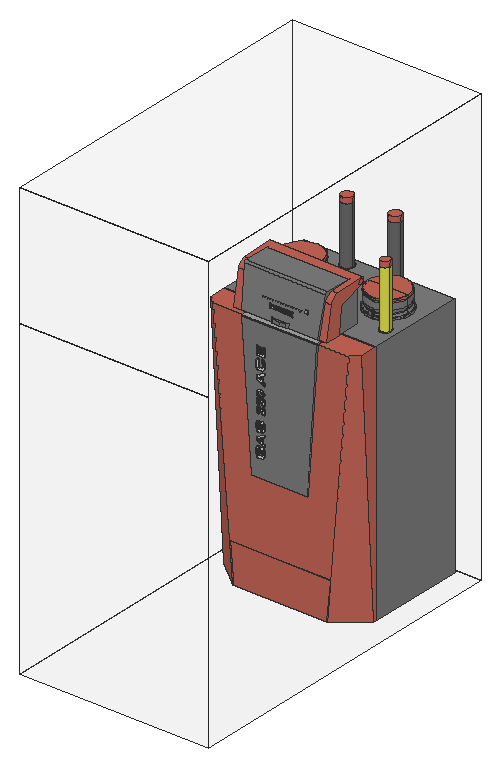
Revit family "Gas Ace 220_300_LOD-5", category Mechanical Equipment, Revit 2015 (continued)
Automatic sketch dimensions
  Extrusion 6 sketch curve to Extrusion 6 sketch curve = 35.239 mm
  Extrusion 6 sketch curve to Extrusion 6 sketch curve = 1.18 mm
  Extrusion 6 sketch curve to Extrusion 6 sketch curve = 2.676 mm
  Extrusion 6 sketch curve to Extrusion 6 sketch curve = 8.075 mm
  Extrusion 6 sketch curve to Extrusion 6 sketch curve = 4.752 mm
  Extrusion 6 sketch curve to Extrusion 6 sketch curve = 2.136 mm
  Extrusion 6 sketch curve to Extrusion 6 sketch curve = 2.427 mm
  Extrusion 6 sketch curve to Extrusion 6 sketch curve = 5.606 mm
  Extrusion 6 sketch curve to Extrusion 6 sketch curve = 7.408 mm
  Extrusion 6 sketch curve to Extrusion 6 sketch curve = 8.771 mm
  Extrusion 6 sketch curve to Extrusion 6 sketch curve = 5.297 mm
  Extrusion 6 sketch curve to Extrusion 6 sketch curve = 6.258 mm
  Extrusion 6 sketch curve to Extrusion 6 sketch curve = 8.273 mm
  Extrusion 6 sketch curve to Extrusion 6 sketch curve = 6.915 mm
  Extrusion 6 sketch curve to Extrusion 6 sketch curve = 3.199 mm
  Extrusion 6 sketch curve to Extrusion 6 sketch curve = 4.418 mm
  Extrusion 6 sketch curve to Extrusion 6 sketch curve = 4.778 mm
  Extrusion 6 sketch curve to Extrusion 6 sketch curve = 2.034 mm
  Extrusion 6 sketch curve to Extrusion 6 sketch curve = 4.697 mm
  Extrusion 6 sketch curve to Extrusion 6 sketch curve = 6.224 mm
  Extrusion 6 sketch curve to Extrusion 6 sketch curve = 8.018 mm
  Extrusion 6 sketch curve to Extrusion 6 sketch curve = 5.046 mm
  Extrusion 6 sketch curve to Extrusion 6 sketch curve = 4.645 mm
  Extrusion 6 sketch curve to Extrusion 6 sketch curve = 3.179 mm
  Extrusion 6 sketch curve to Extrusion 6 sketch curve = 1.825 mm
  Extrusion 6 sketch curve to Extrusion 6 sketch curve = 6.221 mm
  Extrusion 6 sketch curve to Extrusion 6 sketch curve = 4.769 mm
  Extrusion 6 sketch curve to Extrusion 6 sketch curve = 3.637 mm
  Extrusion 6 sketch curve to Extrusion 6 sketch curve = 0.234 mm
  Extrusion 6 sketch curve to Extrusion 6 sketch curve = 2.222 mm
  Extrusion 6 sketch curve to Extrusion 6 sketch curve = 2.995 mm
  Extrusion 6 sketch curve to Extrusion 6 sketch curve = 10.786 mm
  Extrusion 6 sketch curve to Extrusion 6 sketch curve = 6.619 mm  (x2)
  Extrusion 6 sketch curve to Extrusion 6 sketch curve = 0.33 mm
  Extrusion 6 sketch curve to Extrusion 6 sketch curve = 0.623 mm
  Extrusion 6 sketch curve to Extrusion 6 sketch curve = 4.10 mm
  Extrusion 6 sketch curve to Extrusion 6 sketch curve = 0.236 mm
  Extrusion 6 sketch curve to Extrusion 6 sketch curve = 0.229 mm
  Extrusion 6 sketch curve to Extrusion 6 sketch curve = 5.84 mm
  Extrusion 6 sketch curve to Extrusion 6 sketch curve = 3.608 mm
  Extrusion 6 sketch curve to Extrusion 6 sketch curve = 104.478 mm
  plane 20 to Extrusion 6 sketch curve = 4.794 mm
  Extrusion 6 sketch curve to Extrusion 6 sketch curve = 7.974 mm
  Extrusion 6 sketch curve to Extrusion 6 sketch curve = 13.63 mm
  Extrusion 6 sketch curve to Extrusion 6 sketch curve = 24.845 mm
  Extrusion 6 sketch curve to Extrusion 6 sketch curve = 0.046 mm
  plane 21 to Extrusion 7 sketch curve = 2.767 mm
  Extrusion 7 sketch curve to plane 18 = 2.767 mm
  Extrusion 8 sketch curve to plane 35 = 0.00 mm  (x2)
  plane 21 to Extrusion 8 sketch curve = 2.767 mm
  Extrusion 8 sketch curve to plane 18 = 2.767 mm
  Extrusion 9 sketch curve to plane 13 = 0.00 mm
  plane 24 to Extrusion 9 sketch curve = 23.522 mm
  Extrusion 11 sketch curve to Extrusion 11 sketch curve = 0.00 mm  (x2)
  Extrusion 11 sketch curve to plane 13 = 0.00 mm
  plane 24 to Extrusion 11 sketch curve = 23.522 mm
  Extrusion 13 sketch curve to plane 12 = 0.00 mm
  plane 24 to Extrusion 13 sketch curve = 23.522 mm
  Extrusion 14 sketch curve to Extrusion 14 sketch curve = 0.00 mm  (x2)
  Extrusion 14 sketch curve to plane 12 = 0.00 mm
  plane 24 to Extrusion 14 sketch curve = 23.522 mm
  Extrusion 20 sketch curve to plane 7 = 0.00 mm
  plane 4 to Extrusion 20 sketch curve = 107.668 mm
  Extrusion 20 sketch curve to Extrusion 20 sketch curve = 5.376 mm
  Extrusion 20 sketch curve to Extrusion 20 sketch curve = 14.918 mm
  plane 4 to Extrusion 20 sketch curve = 76.94 mm
  Extrusion 20 sketch curve to plane 25 = 104.717 mm
  Extrusion 20 sketch curve to Extrusion 20 sketch curve = 1.568 mm
  Extrusion 20 sketch curve to plane 25 = 46.717 mm
  Extrusion 21 sketch curve to plane 26 = 0.00 mm
  plane 4 to Extrusion 21 sketch curve = 107.668 mm
  Extrusion 21 sketch curve to Extrusion 21 sketch curve = 5.376 mm
  Extrusion 21 sketch curve to Extrusion 21 sketch curve = 14.918 mm
  plane 24 to Extrusion 21 sketch curve = 22.534 mm
  plane 4 to Extrusion 21 sketch curve = 79.413 mm
  Extrusion 21 sketch curve to Extrusion 21 sketch curve = 26.484 mm
  Extrusion 21 sketch curve to plane 25 = 24.282 mm
  Extrusion 21 sketch curve to Extrusion 21 sketch curve = 1.57 mm
  plane 4 to Extrusion 21 sketch curve = 31.492 mm
  plane 4 to Extrusion 21 sketch curve = 1.763 mm
  Extrusion 21 sketch curve to Extrusion 21 sketch curve = 80.434 mm
  Extrusion 21 sketch curve to Extrusion 21 sketch curve = 1.568 mm
  Extrusion 21 sketch curve to Extrusion 21 sketch curve = 21.458 mm
  Extrusion 21 sketch curve to plane 25 = 46.717 mm
  Extrusion 21 sketch curve to plane 25 = 18.574 mm
  Extrusion 23 sketch curve to plane 7 = 0.00 mm  (x2)
  Extrusion 23 sketch curve to plane 34 = 26.458 mm
  plane 29 to Extrusion 23 sketch curve = 0.713 mm
  plane 29 to Extrusion 23 sketch curve = 17.579 mm
  Extrusion 23 sketch curve to plane 30 = 17.579 mm
  Extrusion 23 sketch curve to plane 30 = 0.713 mm
  plane 28 to Extrusion 23 sketch curve = 27.458 mm
  Extrusion 23 sketch curve to plane 25 = 12.381 mm  (x2)
  plane 20 to Extrusion 24 sketch curve = 25.855 mm
  plane 24 to Extrusion 24 sketch curve = 115.281 mm
  Extrusion 24 sketch curve to Extrusion 24 sketch curve = 5.00 mm
  Extrusion 25 sketch curve to plane 4 = 0.00 mm
  Extrusion 25 sketch curve to plane 3 "Center (Left/Right)" = 0.00 mm  (x2)
  Extrusion 25 sketch curve to plane 4 = 7.93 mm  (x2)
  Extrusion 25 sketch curve to plane 3 "Center (Left/Right)" = 34.601 mm
  Extrusion 25 sketch curve to plane 4 = 9.344 mm  (x2)
  Extrusion 25 sketch curve to Extrusion 25 sketch curve = 1.414 mm
  Extrusion 25 sketch curve to Extrusion 25 sketch curve = 9.344 mm  (x2)
  plane 3 "Center (Left/Right)" to Extrusion 25 sketch curve = 34.601 mm
  Extrusion 26 sketch curve to plane 3 "Center (Left/Right)" = 60.00 mm
  Extrusion 26 sketch curve to Extrusion 26 sketch curve = 0.00 mm  (x11)
  Extrusion 26 sketch curve to Extrusion 26 sketch curve = 5.282 mm
  Extrusion 26 sketch curve to Extrusion 26 sketch curve = 3.083 mm  (x2)
  Extrusion 26 sketch curve to Extrusion 26 sketch curve = 8.006 mm
  Extrusion 26 sketch curve to Extrusion 26 sketch curve = 0.536 mm
  Extrusion 26 sketch curve to Extrusion 26 sketch curve = 2.531 mm
  Extrusion 26 sketch curve to Extrusion 26 sketch curve = 5.448 mm
  Extrusion 26 sketch curve to Extrusion 26 sketch curve = 2.49 mm
  Extrusion 26 sketch curve to Extrusion 26 sketch curve = 0.713 mm
  Extrusion 26 sketch curve to Extrusion 26 sketch curve = 1.477 mm
  Extrusion 26 sketch curve to Extrusion 26 sketch curve = 2.918 mm
  Extrusion 26 sketch curve to Extrusion 26 sketch curve = 3.653 mm
  Extrusion 26 sketch curve to Extrusion 26 sketch curve = 12.345 mm
  Extrusion 26 sketch curve to Extrusion 26 sketch curve = 2.924 mm
  Extrusion 26 sketch curve to Extrusion 26 sketch curve = 3.054 mm  (x2)
  Extrusion 26 sketch curve to Extrusion 26 sketch curve = 2.856 mm
  Extrusion 26 sketch curve to Extrusion 26 sketch curve = 0.085 mm
  Extrusion 26 sketch curve to Extrusion 26 sketch curve = 3.429 mm
  Extrusion 26 sketch curve to Extrusion 26 sketch curve = 4.286 mm
  Extrusion 26 sketch curve to Extrusion 26 sketch curve = 0.113 mm  (x2)
  Extrusion 26 sketch curve to Extrusion 26 sketch curve = 2.402 mm  (x2)
  Extrusion 26 sketch curve to Extrusion 26 sketch curve = 0.076 mm  (x2)
  Extrusion 26 sketch curve to Extrusion 26 sketch curve = 0.092 mm  (x2)
  Extrusion 26 sketch curve to Extrusion 26 sketch curve = 0.134 mm  (x2)
  Extrusion 26 sketch curve to Extrusion 26 sketch curve = 2.245 mm  (x2)
  Extrusion 26 sketch curve to plane 3 "Center (Left/Right)" = 1.402 mm
  plane 3 "Center (Left/Right)" to Extrusion 26 sketch curve = 0.218 mm
  Extrusion 26 sketch curve to Extrusion 26 sketch curve = 2.873 mm
  plane 3 "Center (Left/Right)" to Extrusion 26 sketch curve = 3.222 mm
  Extrusion 26 sketch curve to Extrusion 26 sketch curve = 1.738 mm
  Extrusion 26 sketch curve to Extrusion 26 sketch curve = 0.65 mm
  Extrusion 26 sketch curve to Extrusion 26 sketch curve = 3.04 mm  (x5)
  Extrusion 26 sketch curve to Extrusion 26 sketch curve = 1.782 mm
  Extrusion 26 sketch curve to Extrusion 26 sketch curve = 0.701 mm
  Extrusion 26 sketch curve to Extrusion 26 sketch curve = 4.337 mm
  Extrusion 26 sketch curve to Extrusion 26 sketch curve = 3.208 mm
  Extrusion 26 sketch curve to Extrusion 26 sketch curve = 4.739 mm
  Extrusion 26 sketch curve to Extrusion 26 sketch curve = 1.93 mm
  Extrusion 26 sketch curve to Extrusion 26 sketch curve = 0.994 mm
  Extrusion 26 sketch curve to Extrusion 26 sketch curve = 0.901 mm
  Extrusion 26 sketch curve to Extrusion 26 sketch curve = 1.684 mm
  Extrusion 26 sketch curve to Extrusion 26 sketch curve = 2.199 mm
  Extrusion 26 sketch curve to Extrusion 26 sketch curve = 4.069 mm
  Extrusion 26 sketch curve to Extrusion 26 sketch curve = 2.964 mm
  Extrusion 26 sketch curve to Extrusion 26 sketch curve = 0.033 mm  (x2)
  Extrusion 26 sketch curve to Extrusion 26 sketch curve = 0.918 mm
  Extrusion 26 sketch curve to Extrusion 26 sketch curve = 1.137 mm
  Extrusion 26 sketch curve to Extrusion 26 sketch curve = 0.284 mm
  Extrusion 26 sketch curve to Extrusion 26 sketch curve = 0.51 mm
  Extrusion 26 sketch curve to Extrusion 26 sketch curve = 1.179 mm
  Extrusion 26 sketch curve to Extrusion 26 sketch curve = 0.049 mm
  Extrusion 26 sketch curve to Extrusion 26 sketch curve = 0.212 mm  (x2)
  Extrusion 26 sketch curve to Extrusion 26 sketch curve = 0.379 mm
  Extrusion 26 sketch curve to Extrusion 26 sketch curve = 0.436 mm
  Extrusion 26 sketch curve to Extrusion 26 sketch curve = 0.226 mm
  Extrusion 26 sketch curve to Extrusion 26 sketch curve = 0.749 mm
  Extrusion 26 sketch curve to Extrusion 26 sketch curve = 0.157 mm
  Extrusion 26 sketch curve to Extrusion 26 sketch curve = 1.236 mm
  Extrusion 26 sketch curve to Extrusion 26 sketch curve = 0.137 mm
  Extrusion 26 sketch curve to Extrusion 26 sketch curve = 0.668 mm
  Extrusion 26 sketch curve to Extrusion 26 sketch curve = 0.909 mm
  Extrusion 26 sketch curve to Extrusion 26 sketch curve = 1.762 mm
  Extrusion 26 sketch curve to Extrusion 26 sketch curve = 0.271 mm
  Extrusion 26 sketch curve to Extrusion 26 sketch curve = 1.996 mm
  Extrusion 26 sketch curve to Extrusion 26 sketch curve = 0.264 mm
  Extrusion 26 sketch curve to Extrusion 26 sketch curve = 3.106 mm
  Extrusion 26 sketch curve to Extrusion 26 sketch curve = 0.412 mm
  Extrusion 26 sketch curve to Extrusion 26 sketch curve = 4.239 mm
  Extrusion 26 sketch curve to Extrusion 26 sketch curve = 3.826 mm
  Extrusion 26 sketch curve to Extrusion 26 sketch curve = 2.368 mm
  Extrusion 26 sketch curve to Extrusion 26 sketch curve = 1.956 mm
  Extrusion 26 sketch curve to Extrusion 26 sketch curve = 1.963 mm
  Extrusion 26 sketch curve to Extrusion 26 sketch curve = 0.004 mm
  Extrusion 26 sketch curve to Extrusion 26 sketch curve = 1.968 mm
  Extrusion 26 sketch curve to Extrusion 26 sketch curve = 0.013 mm
  Extrusion 26 sketch curve to Extrusion 26 sketch curve = 1.972 mm  (x2)
  Extrusion 26 sketch curve to Extrusion 26 sketch curve = 0.009 mm
  Extrusion 26 sketch curve to Extrusion 26 sketch curve = 1.977 mm
  Extrusion 26 sketch curve to Extrusion 26 sketch curve = 0.914 mm
  Extrusion 26 sketch curve to Extrusion 26 sketch curve = 2.002 mm
  Extrusion 26 sketch curve to Extrusion 26 sketch curve = 1.103 mm
  Extrusion 26 sketch curve to Extrusion 26 sketch curve = 2.125 mm
  Extrusion 26 sketch curve to Extrusion 26 sketch curve = 0.452 mm
  Extrusion 26 sketch curve to Extrusion 26 sketch curve = 0.179 mm
  Extrusion 26 sketch curve to Extrusion 26 sketch curve = 0.001 mm
  Extrusion 26 sketch curve to Extrusion 26 sketch curve = 1.043 mm
  Extrusion 26 sketch curve to Extrusion 26 sketch curve = 0.429 mm
  Extrusion 26 sketch curve to Extrusion 26 sketch curve = 1.471 mm
  Extrusion 26 sketch curve to Extrusion 26 sketch curve = 3.486 mm  (x2)
  Extrusion 26 sketch curve to Extrusion 26 sketch curve = 1.341 mm
  Extrusion 26 sketch curve to Extrusion 26 sketch curve = 0.793 mm
  Extrusion 26 sketch curve to Extrusion 26 sketch curve = 1.186 mm
  Extrusion 26 sketch curve to Extrusion 26 sketch curve = 0.851 mm
  Extrusion 26 sketch curve to Extrusion 26 sketch curve = 1.181 mm  (x2)
  Extrusion 26 sketch curve to Extrusion 26 sketch curve = 1.473 mm
  Extrusion 26 sketch curve to Extrusion 26 sketch curve = 0.982 mm
  Extrusion 26 sketch curve to Extrusion 26 sketch curve = 0.53 mm  (x2)
  Extrusion 26 sketch curve to Extrusion 26 sketch curve = 1.417 mm
  Extrusion 26 sketch curve to Extrusion 26 sketch curve = 1.08 mm
  Extrusion 26 sketch curve to Extrusion 26 sketch curve = 0.219 mm  (x2)
  Extrusion 26 sketch curve to Extrusion 26 sketch curve = 0.991 mm
  Extrusion 26 sketch curve to Extrusion 26 sketch curve = 0.687 mm
  Extrusion 26 sketch curve to Extrusion 26 sketch curve = 0.578 mm  (x2)
  Extrusion 26 sketch curve to Extrusion 26 sketch curve = 6.128 mm
  Extrusion 26 sketch curve to Extrusion 26 sketch curve = 1.01 mm
  Extrusion 26 sketch curve to Extrusion 26 sketch curve = 0.082 mm
  Extrusion 26 sketch curve to Extrusion 26 sketch curve = 1.846 mm
  Extrusion 26 sketch curve to Extrusion 26 sketch curve = 0.115 mm
  Extrusion 26 sketch curve to Extrusion 26 sketch curve = 2.061 mm
  Extrusion 26 sketch curve to Extrusion 26 sketch curve = 0.617 mm
  Extrusion 26 sketch curve to Extrusion 26 sketch curve = 0.794 mm
  Extrusion 26 sketch curve to Extrusion 26 sketch curve = 0.657 mm
  Extrusion 26 sketch curve to Extrusion 26 sketch curve = 0.058 mm
  Extrusion 26 sketch curve to Extrusion 26 sketch curve = 1.267 mm
  Extrusion 26 sketch curve to Extrusion 26 sketch curve = 0.821 mm
  Extrusion 26 sketch curve to Extrusion 26 sketch curve = 0.038 mm
  Extrusion 26 sketch curve to Extrusion 26 sketch curve = 1.001 mm  (x2)
  Extrusion 26 sketch curve to Extrusion 26 sketch curve = 0.90 mm
  Extrusion 26 sketch curve to Extrusion 26 sketch curve = 0.066 mm
  Extrusion 26 sketch curve to Extrusion 26 sketch curve = 0.344 mm
  Extrusion 26 sketch curve to Extrusion 26 sketch curve = 3.045 mm
  Extrusion 26 sketch curve to Extrusion 26 sketch curve = 1.163 mm
  Extrusion 26 sketch curve to Extrusion 26 sketch curve = 3.264 mm
  Extrusion 26 sketch curve to Extrusion 26 sketch curve = 1.529 mm
  Extrusion 26 sketch curve to Extrusion 26 sketch curve = 1.136 mm
  Extrusion 26 sketch curve to Extrusion 26 sketch curve = 0.985 mm
  Extrusion 26 sketch curve to Extrusion 26 sketch curve = 2.604 mm
  Extrusion 26 sketch curve to Extrusion 26 sketch curve = 0.547 mm
  Extrusion 26 sketch curve to Extrusion 26 sketch curve = 5.087 mm
  Extrusion 26 sketch curve to Extrusion 26 sketch curve = 2.359 mm
  Extrusion 26 sketch curve to Extrusion 26 sketch curve = 0.652 mm  (x2)
  Extrusion 26 sketch curve to Extrusion 26 sketch curve = 0.847 mm
  Extrusion 26 sketch curve to Extrusion 26 sketch curve = 2.106 mm
  Extrusion 27 sketch curve to plane 32 = 0.00 mm  (x2)
  plane 33 to Extrusion 27 sketch curve = 0.00 mm  (x2)
  Extrusion 27 sketch curve to plane 32 = 21.995 mm
  plane 33 to Extrusion 27 sketch curve = 1.225 mm  (x2)
  Extrusion 27 sketch curve to Extrusion 27 sketch curve = 2.851 mm
  Extrusion 27 sketch curve to Extrusion 27 sketch curve = 7.34 mm  (x2)
  Extrusion 27 sketch curve to plane 33 = 5.73 mm  (x2)
  Extrusion 27 sketch curve to Extrusion 27 sketch curve = 7.459 mm  (x2)
  plane 33 to Extrusion 27 sketch curve = 4.516 mm  (x2)
  Extrusion 27 sketch curve to Extrusion 27 sketch curve = 2.533 mm  (x2)
  Extrusion 27 sketch curve to Extrusion 27 sketch curve = 3.777 mm  (x2)
  Extrusion 27 sketch curve to Extrusion 27 sketch curve = 3.376 mm  (x2)
  Extrusion 27 sketch curve to Extrusion 27 sketch curve = 3.35 mm  (x2)
  Extrusion 27 sketch curve to Extrusion 27 sketch curve = 5.045 mm  (x2)
  Extrusion 27 sketch curve to Extrusion 27 sketch curve = 5.527 mm  (x2)
  Extrusion 27 sketch curve to plane 33 = 11.501 mm  (x2)
  Extrusion 27 sketch curve to Extrusion 27 sketch curve = 13.077 mm  (x2)
  plane 20 to Extrusion 27 sketch curve = 11.826 mm  (x2)
  Extrusion 27 sketch curve to Extrusion 27 sketch curve = 4.266 mm  (x2)
  Extrusion 27 sketch curve to Extrusion 27 sketch curve = 2.432 mm  (x2)
  Extrusion 27 sketch curve to Extrusion 27 sketch curve = 3.70 mm  (x2)
  Extrusion 27 sketch curve to Extrusion 27 sketch curve = 10.686 mm  (x2)
  Extrusion 27 sketch curve to Extrusion 27 sketch curve = 10.68 mm
  plane 20 to Extrusion 27 sketch curve = 13.06 mm
  Extrusion 27 sketch curve to Extrusion 27 sketch curve = 35.239 mm
  Extrusion 27 sketch curve to Extrusion 27 sketch curve = 0.00 mm  (x27)
  plane 20 to Extrusion 27 sketch curve = 9.597 mm
  Extrusion 27 sketch curve to Extrusion 27 sketch curve = 1.18 mm
  plane 20 to Extrusion 27 sketch curve = 6.96 mm
  Extrusion 27 sketch curve to Extrusion 27 sketch curve = 2.676 mm
  Extrusion 27 sketch curve to Extrusion 27 sketch curve = 8.075 mm
  plane 20 to Extrusion 27 sketch curve = 5.282 mm
  Extrusion 27 sketch curve to Extrusion 27 sketch curve = 4.752 mm
  plane 33 to Extrusion 27 sketch curve = 4.957 mm
  Extrusion 27 sketch curve to Extrusion 27 sketch curve = 2.136 mm
  Extrusion 27 sketch curve to plane 33 = 21.317 mm
  Extrusion 27 sketch curve to Extrusion 27 sketch curve = 2.427 mm
  Extrusion 27 sketch curve to plane 33 = 4.95 mm
  Extrusion 27 sketch curve to Extrusion 27 sketch curve = 5.606 mm
  plane 20 to Extrusion 27 sketch curve = 4.693 mm
  Extrusion 27 sketch curve to Extrusion 27 sketch curve = 7.408 mm
  Extrusion 27 sketch curve to Extrusion 27 sketch curve = 3.81 mm
  Extrusion 27 sketch curve to Extrusion 27 sketch curve = 8.771 mm
  Extrusion 27 sketch curve to plane 33 = 4.686 mm
  Extrusion 27 sketch curve to Extrusion 27 sketch curve = 5.297 mm
  plane 33 to Extrusion 27 sketch curve = 5.198 mm
  Extrusion 27 sketch curve to Extrusion 27 sketch curve = 6.258 mm
  Extrusion 27 sketch curve to plane 33 = 4.632 mm
  Extrusion 27 sketch curve to Extrusion 27 sketch curve = 8.273 mm
  plane 33 to Extrusion 27 sketch curve = 5.211 mm
  Extrusion 27 sketch curve to Extrusion 27 sketch curve = 6.915 mm
  Extrusion 27 sketch curve to Extrusion 27 sketch curve = 3.199 mm
  Extrusion 27 sketch curve to Extrusion 27 sketch curve = 4.418 mm
  plane 33 to Extrusion 27 sketch curve = 5.444 mm
  Extrusion 27 sketch curve to Extrusion 27 sketch curve = 4.778 mm
  Extrusion 27 sketch curve to Extrusion 27 sketch curve = 0.221 mm
  Extrusion 27 sketch curve to plane 33 = 21.603 mm
  Extrusion 27 sketch curve to Extrusion 27 sketch curve = 2.034 mm
  Extrusion 27 sketch curve to Extrusion 27 sketch curve = 5.583 mm
  Extrusion 27 sketch curve to Extrusion 27 sketch curve = 4.697 mm
  Extrusion 27 sketch curve to plane 33 = 21.298 mm
  Extrusion 27 sketch curve to Extrusion 27 sketch curve = 6.224 mm
  plane 20 to Extrusion 27 sketch curve = 5.368 mm
  Extrusion 27 sketch curve to Extrusion 27 sketch curve = 8.018 mm
  Extrusion 27 sketch curve to plane 33 = 3.946 mm
  Extrusion 27 sketch curve to Extrusion 27 sketch curve = 3.888 mm
  Extrusion 27 sketch curve to Extrusion 27 sketch curve = 5.046 mm
  Extrusion 27 sketch curve to plane 33 = 20.233 mm
  Extrusion 27 sketch curve to Extrusion 27 sketch curve = 4.645 mm
  Extrusion 27 sketch curve to plane 33 = 18.179 mm
  Extrusion 27 sketch curve to Extrusion 27 sketch curve = 3.179 mm
  Extrusion 27 sketch curve to plane 33 = 14.908 mm
  Extrusion 27 sketch curve to Extrusion 27 sketch curve = 1.825 mm
  Extrusion 27 sketch curve to Extrusion 27 sketch curve = 0.249 mm
  Extrusion 27 sketch curve to Extrusion 27 sketch curve = 6.221 mm
  Extrusion 27 sketch curve to plane 33 = 21.135 mm  (x4)
  Extrusion 27 sketch curve to Extrusion 27 sketch curve = 14.365 mm  (x2)
  Extrusion 27 sketch curve to Extrusion 27 sketch curve = 4.013 mm  (x2)
  plane 20 to Extrusion 27 sketch curve = 5.16 mm  (x2)
  Extrusion 27 sketch curve to Extrusion 27 sketch curve = 4.769 mm
  Extrusion 27 sketch curve to plane 33 = 4.515 mm  (x2)
  Extrusion 27 sketch curve to Extrusion 27 sketch curve = 4.827 mm  (x2)
  plane 33 to Extrusion 27 sketch curve = 11.404 mm  (x2)
  Extrusion 27 sketch curve to Extrusion 27 sketch curve = 8.431 mm  (x2)
  Extrusion 27 sketch curve to Extrusion 27 sketch curve = 16.511 mm  (x2)
  Extrusion 27 sketch curve to Extrusion 27 sketch curve = 8.377 mm  (x2)
  Extrusion 27 sketch curve to plane 33 = 13.643 mm  (x2)
  Extrusion 27 sketch curve to Extrusion 27 sketch curve = 4.823 mm  (x2)
  Extrusion 27 sketch curve to Extrusion 27 sketch curve = 3.783 mm  (x2)
  Extrusion 27 sketch curve to Extrusion 27 sketch curve = 14.423 mm  (x2)
  plane 33 to Extrusion 27 sketch curve = 3.211 mm
  Extrusion 27 sketch curve to Extrusion 27 sketch curve = 3.637 mm
  Extrusion 27 sketch curve to plane 33 = 7.591 mm
  Extrusion 27 sketch curve to plane 33 = 10.916 mm
  plane 33 to Extrusion 27 sketch curve = 11.042 mm
  Extrusion 27 sketch curve to Extrusion 27 sketch curve = 0.234 mm  (x2)
  plane 20 to Extrusion 27 sketch curve = 4.692 mm  (x2)
  Extrusion 27 sketch curve to Extrusion 27 sketch curve = 10.664 mm
  Extrusion 27 sketch curve to Extrusion 27 sketch curve = 2.222 mm
  Extrusion 27 sketch curve to Extrusion 27 sketch curve = 2.995 mm
  Extrusion 27 sketch curve to Extrusion 27 sketch curve = 4.641 mm
  Extrusion 27 sketch curve to Extrusion 27 sketch curve = 7.483 mm
  Extrusion 27 sketch curve to Extrusion 27 sketch curve = 10.786 mm
  Extrusion 27 sketch curve to Extrusion 27 sketch curve = 6.619 mm  (x2)
  Extrusion 27 sketch curve to plane 33 = 21.602 mm
  Extrusion 27 sketch curve to Extrusion 27 sketch curve = 0.33 mm
  Extrusion 27 sketch curve to Extrusion 27 sketch curve = 0.623 mm
  Extrusion 27 sketch curve to plane 33 = 21.487 mm
  Extrusion 27 sketch curve to Extrusion 27 sketch curve = 4.10 mm
  Extrusion 27 sketch curve to Extrusion 27 sketch curve = 5.824 mm
  Extrusion 27 sketch curve to Extrusion 27 sketch curve = 5.83 mm
  plane 33 to Extrusion 27 sketch curve = 5.462 mm  (x2)
  Extrusion 27 sketch curve to Extrusion 27 sketch curve = 0.229 mm
  Extrusion 27 sketch curve to plane 33 = 5.362 mm
  Extrusion 27 sketch curve to Extrusion 27 sketch curve = 0.236 mm
  plane 20 to Extrusion 27 sketch curve = 4.966 mm
  Extrusion 27 sketch curve to Extrusion 27 sketch curve = 5.84 mm
  Extrusion 27 sketch curve to plane 33 = 20.885 mm
  Extrusion 27 sketch curve to Extrusion 27 sketch curve = 3.608 mm
  plane 33 to Extrusion 27 sketch curve = 7.959 mm
  Extrusion 27 sketch curve to Extrusion 27 sketch curve = 13.487 mm
  plane 32 to Extrusion 27 sketch curve = 42.444 mm
  Extrusion 27 sketch curve to Extrusion 27 sketch curve = 4.585 mm
  Extrusion 27 sketch curve to plane 33 = 9.486 mm  (x2)
  Extrusion 27 sketch curve to Extrusion 27 sketch curve = 4.987 mm
  plane 33 to Extrusion 27 sketch curve = 9.585 mm  (x2)
  Extrusion 27 sketch curve to Extrusion 27 sketch curve = 12.118 mm  (x4)
  plane 20 to Extrusion 27 sketch curve = 4.694 mm  (x2)
  Extrusion 27 sketch curve to plane 33 = 4.663 mm
  Extrusion 27 sketch curve to Extrusion 27 sketch curve = 1.136 mm  (x2)
  plane 33 to Extrusion 27 sketch curve = 4.758 mm  (x2)
  Extrusion 27 sketch curve to Extrusion 27 sketch curve = 6.059 mm  (x3)
  plane 33 to Extrusion 27 sketch curve = 5.785 mm  (x2)
  Extrusion 27 sketch curve to Extrusion 27 sketch curve = 17.113 mm
  Extrusion 27 sketch curve to plane 33 = 5.353 mm
  Extrusion 27 sketch curve to Extrusion 27 sketch curve = 0.341 mm
  Extrusion 27 sketch curve to Extrusion 27 sketch curve = 5.032 mm
  Extrusion 27 sketch curve to Extrusion 27 sketch curve = 5.347 mm
  Extrusion 27 sketch curve to Extrusion 27 sketch curve = 0.656 mm
  Extrusion 27 sketch curve to Extrusion 27 sketch curve = 6.006 mm
  Extrusion 27 sketch curve to plane 33 = 4.867 mm
  Extrusion 27 sketch curve to Extrusion 27 sketch curve = 11.678 mm
  plane 20 to Extrusion 27 sketch curve = 5.162 mm
  Extrusion 27 sketch curve to Extrusion 27 sketch curve = 12.337 mm
  Extrusion 27 sketch curve to Extrusion 27 sketch curve = 12.908 mm
  Extrusion 27 sketch curve to plane 33 = 4.289 mm
  Extrusion 27 sketch curve to Extrusion 27 sketch curve = 31.398 mm
  plane 33 to Extrusion 27 sketch curve = 11.402 mm
  Extrusion 27 sketch curve to Extrusion 27 sketch curve = 1.595 mm
  Extrusion 27 sketch curve to plane 33 = 21.136 mm
  Extrusion 27 sketch curve to Extrusion 27 sketch curve = 2.501 mm
  Extrusion 27 sketch curve to Extrusion 27 sketch curve = 10.882 mm
  Extrusion 27 sketch curve to Extrusion 27 sketch curve = 9.634 mm
  Extrusion 27 sketch curve to Extrusion 27 sketch curve = 9.77 mm  (x2)
  Extrusion 27 sketch curve to Extrusion 27 sketch curve = 3.944 mm
  Extrusion 27 sketch curve to Extrusion 27 sketch curve = 7.492 mm
  Extrusion 27 sketch curve to Extrusion 27 sketch curve = 3.998 mm  (x2)
  Extrusion 27 sketch curve to Extrusion 27 sketch curve = 0.505 mm
  Extrusion 27 sketch curve to Extrusion 27 sketch curve = 6.667 mm
  Extrusion 27 sketch curve to Extrusion 27 sketch curve = 6.90 mm
  Extrusion 27 sketch curve to Extrusion 27 sketch curve = 1.236 mm
  Extrusion 27 sketch curve to Extrusion 27 sketch curve = 2.258 mm
  Extrusion 27 sketch curve to Extrusion 27 sketch curve = 3.321 mm
  Extrusion 27 sketch curve to Extrusion 27 sketch curve = 5.292 mm
  plane 33 to Extrusion 27 sketch curve = 4.612 mm
  Extrusion 27 sketch curve to Extrusion 27 sketch curve = 3.571 mm
  Extrusion 27 sketch curve to Extrusion 27 sketch curve = 5.505 mm
  Extrusion 27 sketch curve to Extrusion 27 sketch curve = 6.332 mm
  plane 33 to Extrusion 27 sketch curve = 8.24 mm
  Extrusion 27 sketch curve to Extrusion 27 sketch curve = 0.541 mm
  Extrusion 27 sketch curve to Extrusion 27 sketch curve = 2.084 mm
  Extrusion 27 sketch curve to Extrusion 27 sketch curve = 4.58 mm  (x2)
  Extrusion 27 sketch curve to Extrusion 27 sketch curve = 1.638 mm  (x2)
  Extrusion 27 sketch curve to plane 33 = 7.62 mm
  Extrusion 27 sketch curve to Extrusion 27 sketch curve = 0.046 mm
  Extrusion 27 sketch curve to Extrusion 27 sketch curve = 13.63 mm
  plane 20 to Extrusion 27 sketch curve = 4.794 mm
  plane 4 to Extrusion 28 sketch curve = 3.836 mm
  plane 4 to Extrusion 28 sketch curve = 8.465 mm
  Extrusion 28 sketch curve to Extrusion 28 sketch curve = 5.00 mm
  Extrusion 28 sketch curve to Extrusion 28 sketch curve = 4.061 mm
  plane 24 to Extrusion 28 sketch curve = 76.064 mm
  Extrusion 28 sketch curve to Extrusion 28 sketch curve = 26.252 mm
  plane 26 to Extrusion 29 sketch curve = 15.488 mm
  Extrusion 29 sketch curve to plane 25 = 35.496 mm
  plane 26 to Extrusion 30 sketch curve = 15.488 mm
  Extrusion 30 sketch curve to plane 25 = 35.496 mm
  Extrusion 31 sketch curve to plane 5 = 0.00 mm
  Extrusion 31 sketch curve to plane 6 = 0.00 mm
  Extrusion 31 sketch curve to plane 34 = 15.642 mm
  plane 28 to Extrusion 31 sketch curve = 16.642 mm
  level to Extrusion 31 sketch curve = 29.00 mm  (x2)
  Extrusion 31 sketch curve to Extrusion 31 sketch curve = 171.499 mm  (x2)
  plane 5 to Extrusion 32 sketch curve = 5.43 mm  (x2)
  Extrusion 32 sketch curve to plane 34 = 29.235 mm  (x2)
  plane 28 to Extrusion 32 sketch curve = 30.235 mm  (x2)
  Extrusion 32 sketch curve to plane 6 = 5.43 mm  (x2)
  plane 26 to Extrusion 32 sketch curve = 98.19 mm  (x2)
  Extrusion 32 sketch curve to Extrusion 32 sketch curve = 25.00 mm  (x2)
  plane 22 to Extrusion 32 sketch curve = 15.435 mm  (x2)
  plane 1 "Center (Front/Back)" to Extrusion 32 sketch curve = 15.565 mm  (x2)
  Extrusion 33 sketch curve to plane 21 = 0.00 mm
  Extrusion 33 sketch curve to plane 18 = 0.00 mm
  level to Extrusion 33 sketch curve = 57.048 mm  (x2)
  Extrusion 34 sketch curve to plane 21 = 0.00 mm
  Extrusion 34 sketch curve to plane 18 = 0.00 mm
  level to Extrusion 34 sketch curve = 57.048 mm  (x2)
  plane 21 to Extrusion 37 sketch curve = 2.767 mm
  Extrusion 37 sketch curve to plane 18 = 2.767 mm
  level to Extrusion 37 sketch curve = 55.00 mm  (x2)
  plane 29 to Extrusion 38 sketch curve = 17.579 mm
  Extrusion 38 sketch curve to plane 4 = 5.984 mm
  Extrusion 38 sketch curve to plane 30 = 17.579 mm
  plane 4 to Extrusion 38 sketch curve = 102.292 mm
  Extrusion 40 sketch curve to plane 7 = 0.00 mm
  Extrusion 40 sketch curve to plane 26 = 0.00 mm
  plane 4 to Extrusion 40 sketch curve = 107.668 mm
  Extrusion 40 sketch curve to Extrusion 40 sketch curve = 5.376 mm
  Extrusion 40 sketch curve to Extrusion 40 sketch curve = 14.918 mm
  plane 4 to Extrusion 40 sketch curve = 76.94 mm
  Extrusion 40 sketch curve to plane 25 = 104.717 mm
  Extrusion 40 sketch curve to Extrusion 40 sketch curve = 1.568 mm
  Extrusion 40 sketch curve to plane 25 = 46.717 mm
  Extrusion 41 sketch curve to plane 26 = 0.00 mm
  plane 4 to Extrusion 41 sketch curve = 107.668 mm
  Extrusion 41 sketch curve to Extrusion 41 sketch curve = 5.376 mm
  Extrusion 41 sketch curve to Extrusion 41 sketch curve = 14.918 mm
  plane 24 to Extrusion 41 sketch curve = 22.534 mm
  plane 4 to Extrusion 41 sketch curve = 79.413 mm
  Extrusion 41 sketch curve to Extrusion 41 sketch curve = 26.484 mm
  Extrusion 41 sketch curve to plane 25 = 24.282 mm
  Extrusion 41 sketch curve to Extrusion 41 sketch curve = 1.57 mm
  plane 4 to Extrusion 41 sketch curve = 31.492 mm
  plane 4 to Extrusion 41 sketch curve = 1.763 mm
  Extrusion 41 sketch curve to Extrusion 41 sketch curve = 80.434 mm
  Extrusion 41 sketch curve to Extrusion 41 sketch curve = 1.568 mm
  Extrusion 41 sketch curve to Extrusion 41 sketch curve = 21.458 mm
  Extrusion 41 sketch curve to plane 25 = 46.717 mm
  Extrusion 41 sketch curve to plane 25 = 18.574 mm
  Extrusion 42 sketch curve to plane 4 = 5.984 mm
  plane 29 to Extrusion 42 sketch curve = 17.579 mm
  Extrusion 42 sketch curve to plane 30 = 17.579 mm
  plane 4 to Extrusion 42 sketch curve = 102.292 mm
  plane 21 to Extrusion 43 sketch curve = 2.767 mm
  Extrusion 43 sketch curve to plane 18 = 2.767 mm
  level to Extrusion 43 sketch curve = 55.00 mm  (x2)
  Extrusion 22 sketch curve to plane 31 = 0.00 mm
  Extrusion 22 sketch curve to plane 4 = 4.018 mm
  plane 4 to Extrusion 22 sketch curve = 1.763 mm
  plane 4 to Extrusion 22 sketch curve = 31.492 mm
  plane 4 to Extrusion 22 sketch curve = 32.165 mm
  Extrusion 22 sketch curve to Extrusion 22 sketch curve = 10.033 mm
  Extrusion 22 sketch curve to plane 25 = 24.282 mm
  Extrusion 22 sketch curve to Extrusion 22 sketch curve = 32.04 mm
  Extrusion 22 sketch curve to Extrusion 22 sketch curve = 1.57 mm
  Extrusion 22 sketch curve to plane 25 = 20.32 mm
  plane 26 to Extrusion 22 sketch curve = 49.996 mm
  Extrusion 22 sketch curve to Extrusion 22 sketch curve = 44.973 mm
  Extrusion 22 sketch curve to Extrusion 22 sketch curve = 1.769 mm
  Extrusion 22 sketch curve to Extrusion 22 sketch curve = 0.273 mm
  Extrusion 22 sketch curve to plane 25 = 16.424 mm
  plane 4 to Extrusion 44 sketch curve = 14.519 mm
  Extrusion 44 sketch curve to Extrusion 44 sketch curve = 5.781 mm  (x2)
  Extrusion 44 sketch curve to plane 25 = 124.914 mm
  plane 4 to Extrusion 44 sketch curve = 12.162 mm
  Extrusion 44 sketch curve to Extrusion 44 sketch curve = 13.368 mm
  Extrusion 45 sketch curve to plane 40 = 0.00 mm
  Extrusion 45 sketch curve to plane 41 "Drain" = 0.00 mm
  Extrusion 35 sketch curve to Extrusion 35 sketch curve = 0.00 mm  (x2)
  Extrusion 35 sketch curve to plane 11 = 0.00 mm
  Extrusion 35 sketch curve to plane 21 = 0.00 mm
  Revolve 10 sketch curve to plane 13 = 0.00 mm
  Revolve 10 sketch curve to plane 7 = 0.00 mm
  Revolve 10 sketch curve to Revolve 10 sketch curve = 0.50 mm
  Revolve 10 sketch curve to Revolve 10 sketch curve = 2.50 mm
  plane 24 to Revolve 10 sketch curve = 7.00 mm
  Revolve 10 sketch curve to Revolve 10 sketch curve = 12.147 mm
  Revolve 10 sketch curve to Revolve 10 sketch curve = 5.00 mm
  Revolve 10 sketch curve to Revolve 10 sketch curve = 16.52 mm
  Revolve 10 sketch curve to Revolve 10 sketch curve = 45.225 mm
  plane 24 to Revolve 10 sketch curve = 5.294 mm
  Revolve 10 sketch curve to plane 25 = 77.762 mm
  Revolve 12 sketch curve to plane 12 = 0.00 mm
  Revolve 12 sketch curve to plane 7 = 0.00 mm
  Revolve 12 sketch curve to Revolve 12 sketch curve = 0.50 mm
  Revolve 12 sketch curve to Revolve 12 sketch curve = 2.00 mm
  plane 24 to Revolve 12 sketch curve = 7.00 mm
  Revolve 12 sketch curve to Revolve 12 sketch curve = 12.147 mm
  Revolve 12 sketch curve to Revolve 12 sketch curve = 5.00 mm
  Revolve 12 sketch curve to Revolve 12 sketch curve = 16.52 mm
  Revolve 12 sketch curve to Revolve 12 sketch curve = 45.225 mm
  plane 24 to Revolve 12 sketch curve = 5.294 mm
  Revolve 12 sketch curve to plane 25 = 77.762 mm
  Extrusion 16 sketch curve to plane 20 = 0.00 mm
  Extrusion 16 sketch curve to plane 19 = 0.00 mm
  Extrusion 16 sketch curve to plane 22 = 0.00 mm  (x2)
  Revolve 19 sketch curve to plane 13 = 0.00 mm  (x2)
  plane 24 to Revolve 19 sketch curve = 80.921 mm
  Revolve 19 sketch curve to Revolve 19 sketch curve = 1.396 mm
  Revolve 19 sketch curve to Revolve 19 sketch curve = 10.494 mm
  Revolve 19 sketch curve to Revolve 19 sketch curve = 1.189 mm
  Revolve 19 sketch curve to level = 304.80 mm
  plane 8 to Revolve 19 sketch curve = 776.40 mm
  Revolve 36 sketch curve to plane 12 = 0.00 mm  (x2)
  plane 24 to Revolve 36 sketch curve = 94.00 mm
  Revolve 36 sketch curve to Revolve 36 sketch curve = 1.189 mm
  Revolve 36 sketch curve to Revolve 36 sketch curve = 10.494 mm
  Revolve 36 sketch curve to Revolve 36 sketch curve = 1.396 mm
  plane 8 to Revolve 36 sketch curve = 776.40 mm
  Revolve 36 sketch curve to level = 304.80 mm
  Extrusion 39 sketch curve to Extrusion 39 sketch curve = 0.00 mm  (x8)
  Extrusion 39 sketch curve to plane 11 = 0.00 mm  (x2)
  Extrusion 39 sketch curve to plane 21 = 0.00 mm
  Extrusion 39 sketch curve to plane 20 = 0.00 mm
  Extrusion 39 sketch curve to plane 19 = 0.00 mm
  Extrusion 39 sketch curve to plane 18 = 0.00 mm
  Extrusion 39 sketch curve to plane 22 = 0.00 mm  (x2)
  Extrusion 46 sketch curve to Extrusion 46 sketch curve = 0.00 mm  (x2)
  Extrusion 46 sketch curve to plane 20 = 0.00 mm
  Extrusion 46 sketch curve to plane 22 = 0.00 mm
  Extrusion 47 sketch curve to Extrusion 47 sketch curve = 0.00 mm  (x2)
  Extrusion 47 sketch curve to plane 11 = 0.00 mm
  Extrusion 47 sketch curve to plane 18 = 0.00 mm
  Extrusion 48 sketch curve to Extrusion 48 sketch curve = 0.00 mm  (x2)
  Extrusion 48 sketch curve to plane 19 = 0.00 mm
  Extrusion 48 sketch curve to plane 22 = 0.00 mm
  Extrusion 49 sketch curve to plane 8 = 0.00 mm
  Extrusion 49 sketch curve to level = 0.00 mm
  Extrusion 49 sketch curve to plane 42 = 0.00 mm
  Extrusion 49 sketch curve to plane 4 = 1100.00 mm
  plane 8 to Extrusion 49 sketch curve = 650.00 mm
  radius of Extrusion 7 sketch curve = 55.00 mm  (x2)
  radius of Extrusion 8 sketch curve = 55.00 mm  (x2)
  radius of Extrusion 9 sketch curve = 10.00 mm
  radius of Extrusion 11 sketch curve = 10.00 mm
  radius of Extrusion 11 sketch curve = 12.00 mm
  radius of Extrusion 13 sketch curve = 10.00 mm
  radius of Extrusion 14 sketch curve = 10.00 mm
  radius of Extrusion 14 sketch curve = 12.00 mm
  radius of Extrusion 29 sketch curve = 11.549 mm
  radius of Extrusion 30 sketch curve = 11.549 mm
  radius of Extrusion 33 sketch curve = 20.00 mm  (x2)
  radius of Extrusion 34 sketch curve = 20.00 mm  (x2)
  radius of Extrusion 37 sketch curve = 55.00 mm  (x2)
  radius of Extrusion 43 sketch curve = 55.00 mm  (x2)
  radius of Extrusion 35 sketch curve = 35.15 mm
  radius of Extrusion 35 sketch curve = 30.15 mm
Connectors
  piping at (338, -383, 1662), diameter 38.1
    settings: on Extrusion 18, index 1, connector inside diameter 609.6 mm, connector length 0.00 mm, flow factor 0, pipe flow 0.0 L/s, pressure drop 0.000 bar, fitting loss kfactor 0, connector angle 0.00°, fixture units 0, engagement length 0.00 mm, angle of deflection 0.00°, flow configuration 1, flow direction 1, fitting loss method 0, system type 22, joint type 0, gender type 0, connector reference index -1, connector utility 0, adjustable connector no, is connector primary yes, connector description "Gas"
  piping at (128, -56, 1662), diameter 50.75
    settings: on Extrusion 16, index 2, connector inside diameter 609.6 mm, connector length 0.00 mm, flow factor 0, pipe flow 0.0 L/s, pressure drop 0.000 bar, fitting loss kfactor 0, connector angle 0.00°, fixture units 0, engagement length 0.00 mm, angle of deflection 0.00°, flow configuration 1, flow direction 1, fitting loss method 0, system type 7, joint type 0, gender type 0, connector reference index -1, connector utility 0, adjustable connector no, is connector primary no, connector description "Hydronic Supply"
  piping at (-128, -56, 1662), diameter 50.75
    settings: on Extrusion 16, index 3, connector inside diameter 609.6 mm, connector length 0.00 mm, flow factor 0, pipe flow 0.0 L/s, pressure drop 0.000 bar, fitting loss kfactor 0, connector angle 0.00°, fixture units 0, engagement length 0.00 mm, angle of deflection 0.00°, flow configuration 0, flow direction 2, fitting loss method 0, system type 8, joint type 0, gender type 0, connector reference index -1, connector utility 0, adjustable connector no, is connector primary no, connector description "Hydronic Return1"
  piping at (-338, -383, 1330), diameter 50.75
    settings: on Extrusion 35, index 4, connector inside diameter 609.6 mm, connector length 0.00 mm, flow factor 0, pipe flow 0.0 L/s, pressure drop 0.000 bar, fitting loss kfactor 0, connector angle 0.00°, fixture units 0, engagement length 0.00 mm, angle of deflection 0.00°, flow configuration 1, flow direction 1, fitting loss method 0, system type 8, joint type 0, gender type 0, connector reference index -1, connector utility 0, adjustable connector no, is connector primary no, connector description "Hydronic Return2"
  electrical at (128.112, -643.66, 1450.976)
    settings: on Extrusion 44, index 7, voltage 230.002 V, apparent load 0 VA, apparent load phase1 0 VA, apparent load phase2 0 VA, apparent load phase3 0 VA, power factor 1, load classification "Other", number of poles 1, system type 30, power factor state 1, is connector primary yes, connector utility no, sub classification motor no, connector description "Power - Balanced"
  piping at (-280, 0, 84), diameter 40
    settings: on Extrusion 45, index 8, connector inside diameter 609.6 mm, connector length 0.00 mm, flow factor 0, pipe flow 0.0 L/s, pressure drop 0.000 bar, fitting loss kfactor 0, connector angle 0.00°, fixture units 0, engagement length 0.00 mm, angle of deflection 0.00°, flow configuration 3, flow direction 2, fitting loss method 0, system type 16, joint type 0, gender type 0, connector reference index -1, connector utility 0, adjustable connector no, is connector primary no, connector description "Drain"
  hvac at (229, -231, 1424)
    settings: on Revolve 36, index 9, duct flow 0.0 L/s, flow factor 0, pres drop 0.000 bar, loss coef 0, conn angle 0.00°, conn width 304.8 mm, conn height 304.8 mm, conn diameter 200 mm, duct sys type 1, conn prof type 0, flow config 0, flow direction 0, loss method 0, conn ref index -1, conn util no, is conn primary yes, conn desc ""
  hvac at (-229, -231, 1418.392)
    settings: on Revolve 10, index 10, duct flow 0.0 L/s, flow factor 0, pres drop 0.000 bar, loss coef 0, conn angle 0.00°, conn width 304.8 mm, conn height 304.8 mm, conn diameter 200 mm, duct sys type 4, conn prof type 0, flow config 0, flow direction 0, loss method 0, conn ref index -1, conn util no, is conn primary no, conn desc ""
